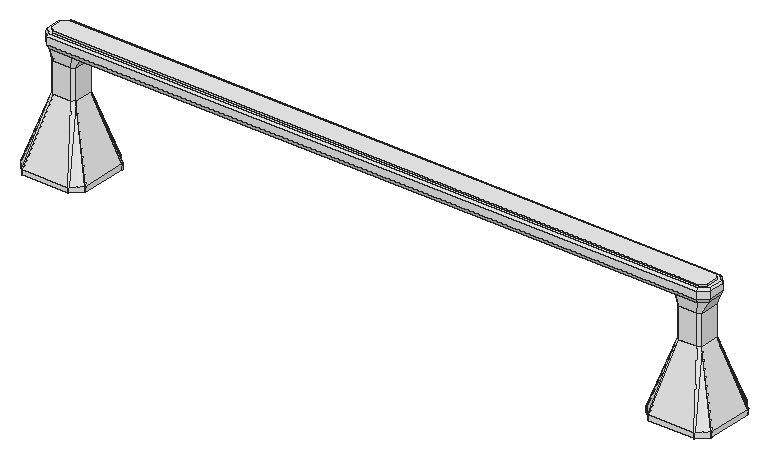
Revit family "Towel_Bar-DXV-Belshire-D35170180_Series", category Specialty Equipment, host Face, Revit 2019
Family settings
  Host = Face
  Round Connector Dimension = Use Diameter
  Part Type = Normal
  OmniClass Number = 23.40.20.21.27
  OmniClass Title = Towel Bars
  Cut with Voids When Loaded = No
  Shared = Yes
  Room Calculation Point = No
Parameters (values of type "D35170180.100")
  Width = 19 1/8"
  URL = "https://www.dxv.com/en/"
  Type Comments = ""
  Revised Date = "11/12/2021"  # constant formula
  Product Page URL = "https://www.dxv.com/product/belshire-18-inch-towel-bar"
  Product Documentation Link = "https://dxv01.blob.core.windows.net/dxv-product-pdf-files/spec_D35170180_DXV_Belshire_18in_towelbar.pdf"
  Price = "Prices may vary. Please consult Manufacturer Representative for most up-to-date price list."  # constant formula
  Model = "D35170180.100"
  Material = "Metal-DXV-100-Polished Chrome"
  Manufacturer = "DXV"
  Length = 3 9/16"
  Installation Type = "Wall Mount"
  Installation Instruction Link = "https://dxv01.blob.core.windows.net/dxv-product-pdf-files/M985050_Belshire_Accessories_D35170XXX_EN.pdf"
  Height = 1 7/8"
  Finish = Metal-DXV-100-Polished Chrome
  Description = "Belshire 18\" Towel Bar"
  Default Elevation = 48"
  Creation Date = "08/26/2021"  # constant formula
  Assembly Code = "C1030200"
Types (5): name | Model | Material | Finish
  (no name) | "D35170180.100" | "Metal-DXV-100-Polished Chrome" | Metal-DXV-100-Polished Chrome
  D35170180.100 | "D35170180.100" | "Metal-DXV-100-Polished Chrome" | Metal-DXV-100-Polished Chrome
  D35170180.144 | "D35170180.144" | "Metal-DXV-144-Brushed Nickel" | Metal-DXV-144-Brushed Nickel
  D35170180.150 | "D35170180.150" | "Metal-DXV-150-Platinum Nickel" | Metal-DXV-150-Platinum Nickel
  D35170180.427 | "D35170180.427" | "Metal-DXV-427-Satin Brass" | Metal-DXV-427-Satin Brass
Reference planes (in)
  plane 1 "Center (Front/Back)": y = 0
  plane 2: z = 0
  plane 3 "Center (Left/Right)": x = 0
  plane 4: y = 0.9375
  plane 5: y = -0.9375
  plane 6: y = 0.4375
  plane 7: y = -0.4375
  plane 8: z = 3.5625
  plane 9: z = 3.40444
  plane 10: y = -0.37787
  plane 11: y = 0.37787
  plane 12: y = -0.19405
  plane 13: y = 0.19405
  plane 14: x = 9
  plane 15: x = -9
  plane 16: x = -9.5625
  plane 17: x = 9.5625
Forms (in)
  Extrusion 1, solid, material "Metal-DXV-100-Polished Chrome" <- "Finish"
    sketch origin (4.18172, 0, 0) x (1, 0, 0) y (0, 1, 0)
      loop
        line (-13.52547, 0.4375) -> (-13.74422, 0.21875) -> (-13.74422, -0.21875) -> (-13.52547, -0.4375) -> (5.16203, -0.4375) -> (5.38078, -0.21875) -> (5.38078, 0.21875) -> (5.16203, 0.4375) -> (-13.52547, 0.4375)
    from 3.5625 to 3.12732
  Sweep 2, void
    path in 3D
      loop
        line (-9.5625, 0.21875, 3.12732) -> (-9.34375, 0.4375, 3.12732) -> (0, 0.4375, 3.12732) -> (9.34375, 0.4375, 3.12732) -> (9.5625, 0.21875, 3.12732) -> (9.5625, -0.21875, 3.12732) -> (9.34375, -0.4375, 3.12732) -> (0, -0.4375, 3.12732) -> (-9.34375, -0.4375, 3.12732) -> (-9.5625, -0.21875, 3.12732) -> (-9.5625, 0.21875, 3.12732)
    profile origin (-9.5625, 0, 3.12732) x (1, 0, 0) y (0, 0, -1)
      loop
        line (0, 0) -> (0, -0.11906) -> (0.05963, 0) -> (0, 0)
  Blend 3, solid, material "Metal-DXV-100-Polished Chrome" <- "Finish"
    base sketch origin (-8.99703, -0.00027, -0.125) x (0, -1, 0) y (1, 0, 0)
      loop
        arc (0.9375, 0.64875) -> (0.93393, 0.66355) -> (0.92401, 0.67509) r 0.03245
        arc (0.92401, 0.67509) -> (0.79115, 0.78806) -> (0.67817, 0.92089) r 1.08225
        arc (0.67817, 0.92089) -> (0.6665, 0.93092) -> (0.65154, 0.93453) r 0.03281
        line (0.65154, 0.93453) -> (-0.65111, 0.93453)
        arc (-0.65111, 0.93453) -> (-0.66593, 0.93054) -> (-0.67674, 0.91964) r 0.02951
        arc (-0.67674, 0.91964) -> (-0.78244, 0.7809) -> (-0.92086, 0.67477) r 0.65853
        arc (-0.92086, 0.67477) -> (-0.93304, 0.66264) -> (-0.9375, 0.64603) r 0.03315
        line (-0.9375, 0.64603) -> (-0.9375, -0.65197)
        arc (-0.9375, -0.65197) -> (-0.93304, -0.66858) -> (-0.92086, -0.68072) r 0.03315
        arc (-0.92086, -0.68072) -> (-0.78244, -0.78684) -> (-0.67674, -0.92558) r 0.65853
        arc (-0.67674, -0.92558) -> (-0.66593, -0.93648) -> (-0.65111, -0.94047) r 0.02951
        line (-0.65111, -0.94047) -> (0.65154, -0.94047)
        arc (0.65154, -0.94047) -> (0.6665, -0.93687) -> (0.67817, -0.92684) r 0.03281
        arc (0.67817, -0.92684) -> (0.79115, -0.794) -> (0.92401, -0.68104) r 1.08225
        arc (0.92401, -0.68104) -> (0.93393, -0.6695) -> (0.9375, -0.6547) r 0.03245
        line (0.9375, -0.6547) -> (0.9375, 0.64875)
    top sketch origin (-8.99703, -0.00027, -0.125) x (0, -1, 0) y (1, 0, 0)
      loop
        arc (0.2772, -0.34818) -> (0.29489, -0.28952) -> (0.34008, -0.24814) r 0.11556
        line (0.34008, -0.24814) -> (0.34008, 0.24814)
        arc (0.34008, 0.24814) -> (0.29489, 0.28952) -> (0.2772, 0.34818) r 0.11556
        line (0.2772, 0.34818) -> (-0.27774, 0.34818)
        arc (-0.27774, 0.34818) -> (-0.30021, 0.28248) -> (-0.35629, 0.24152) r 0.11556
        line (-0.35629, 0.24152) -> (-0.35629, -0.24152)
        arc (-0.35629, -0.24152) -> (-0.30021, -0.28248) -> (-0.27774, -0.34818) r 0.11556
        line (-0.27774, -0.34818) -> (0.2772, -0.34818)
    from 0.26611 to 2.09333
  Extrusion 4, solid, material "Metal-DXV-100-Polished Chrome" <- "Finish"
    sketch origin (-12, 0.00027, -0.21262) x (0, -1, 0) y (1, 0, 0)
      loop
        line (0.65208, 3.9375) -> (-0.65058, 3.9375)
        arc (-0.65058, 3.9375) -> (-0.6654, 3.93351) -> (-0.67621, 3.92261) r 0.02951
        arc (-0.67621, 3.92261) -> (-0.78191, 3.78387) -> (-0.92032, 3.67775) r 0.65853
        arc (-0.92032, 3.67775) -> (-0.9325, 3.66561) -> (-0.93696, 3.649) r 0.03315
        line (-0.93696, 3.649) -> (-0.93696, 2.351)
        arc (-0.93696, 2.351) -> (-0.9325, 2.33439) -> (-0.92032, 2.32225) r 0.03315
        arc (-0.92032, 2.32225) -> (-0.78191, 2.21613) -> (-0.67621, 2.07739) r 0.65853
        arc (-0.67621, 2.07739) -> (-0.6654, 2.06649) -> (-0.65058, 2.0625) r 0.02951
        line (-0.65058, 2.0625) -> (0.65208, 2.0625)
        arc (0.65208, 2.0625) -> (0.66704, 2.06611) -> (0.67871, 2.07614) r 0.03281
        arc (0.67871, 2.07614) -> (0.79169, 2.20897) -> (0.92455, 2.32194) r 1.08225
        arc (0.92455, 2.32194) -> (0.93447, 2.33348) -> (0.93804, 2.34827) r 0.03245
        line (0.93804, 2.34827) -> (0.93804, 3.65173)
        arc (0.93804, 3.65173) -> (0.93447, 3.66652) -> (0.92455, 3.67806) r 0.03245
        arc (0.92455, 3.67806) -> (0.79169, 3.79103) -> (0.67871, 3.92386) r 1.08225
        arc (0.67871, 3.92386) -> (0.66704, 3.93389) -> (0.65208, 3.9375) r 0.03281
    from 0.21262 to 0.35373
  Blend 5, solid, material "Metal-DXV-100-Polished Chrome" <- "Finish"
    base sketch origin (3.00297, 0, 5.64637) x (0, -1, 0) y (1, 0, 0)
      loop
        arc (-0.35602, -12.24152) -> (-0.29995, -12.28248) -> (-0.27747, -12.34818) r 0.11556
        line (-0.27747, -12.34818) -> (0.27747, -12.34818)
        arc (0.27747, -12.34818) -> (0.29515, -12.28952) -> (0.34034, -12.24814) r 0.11556
        line (0.34034, -12.24814) -> (0.34034, -11.75186)
        arc (0.34034, -11.75186) -> (0.29515, -11.71048) -> (0.27747, -11.65182) r 0.11556
        line (0.27747, -11.65182) -> (-0.27747, -11.65182)
        arc (-0.27747, -11.65182) -> (-0.29995, -11.71752) -> (-0.35602, -11.75848) r 0.11556
        line (-0.35602, -11.75848) -> (-0.35602, -12.24152)
    top sketch origin (3.00297, 0, 5.64637) x (0, -1, 0) y (1, 0, 0)
      loop
        line (-0.37787, -12.31905) -> (-0.19405, -12.50287) -> (0.19405, -12.50287) -> (0.37787, -12.31905) -> (0.37787, -11.68095) -> (0.19978, -11.50287) -> (-0.19978, -11.50287) -> (-0.37787, -11.68095) -> (-0.37787, -12.31905)
    from -2.82481 to -2.51905
  Sweep 6, void
    path in 3D
      loop
        line (-9.5625, 0.21875, 3.5625) -> (-9.34375, 0.4375, 3.5625) -> (0, 0.4375, 3.5625) -> (9.34375, 0.4375, 3.5625) -> (9.5625, 0.21875, 3.5625) -> (9.5625, -0.21875, 3.5625) -> (9.34375, -0.4375, 3.5625) -> (0, -0.4375, 3.5625) -> (-9.34375, -0.4375, 3.5625) -> (-9.5625, -0.21875, 3.5625) -> (-9.5625, 0.21875, 3.5625)
    profile origin (-9.5625, 0, 3.5625) x (-1, 0, 0) y (0, 0, 1)
      loop
        line (-0.03553, -0.04814) -> (0, -0.11906) -> (0, 0) -> (-0.12734, 0) -> (-0.12734, -0.04814) -> (-0.03553, -0.04814)
  Extrusion 7, solid, material "Metal-DXV-100-Polished Chrome" <- "Finish"
    sketch origin (8.99703, 0.00027, -0.21262) x (0, -1, 0) y (1, 0, 0)
      loop
        arc (-0.65058, 0.94047) -> (-0.6654, 0.93648) -> (-0.67621, 0.92558) r 0.02951
        arc (-0.67621, 0.92558) -> (-0.78191, 0.78684) -> (-0.92032, 0.68072) r 0.65853
        arc (-0.92032, 0.68072) -> (-0.9325, 0.66858) -> (-0.93696, 0.65197) r 0.03315
        line (-0.93696, 0.65197) -> (-0.93696, -0.64603)
        arc (-0.93696, -0.64603) -> (-0.9325, -0.66264) -> (-0.92032, -0.67477) r 0.03315
        arc (-0.92032, -0.67477) -> (-0.78191, -0.7809) -> (-0.67621, -0.91964) r 0.65853
        arc (-0.67621, -0.91964) -> (-0.6654, -0.93054) -> (-0.65058, -0.93453) r 0.02951
        line (-0.65058, -0.93453) -> (0.65208, -0.93453)
        arc (0.65208, -0.93453) -> (0.66704, -0.93092) -> (0.67871, -0.92089) r 0.03281
        arc (0.67871, -0.92089) -> (0.79169, -0.78806) -> (0.92455, -0.67509) r 1.08225
        arc (0.92455, -0.67509) -> (0.93447, -0.66355) -> (0.93804, -0.64875) r 0.03245
        line (0.93804, -0.64875) -> (0.93804, 0.6547)
        arc (0.93804, 0.6547) -> (0.93447, 0.6695) -> (0.92455, 0.68104) r 0.03245
        arc (0.92455, 0.68104) -> (0.79169, 0.794) -> (0.67871, 0.92684) r 1.08225
        arc (0.67871, 0.92684) -> (0.66704, 0.93687) -> (0.65208, 0.94047) r 0.03281
        line (0.65208, 0.94047) -> (-0.65058, 0.94047)
    from 0.21262 to 0.35373
  Blend 8, solid, material "Metal-DXV-100-Polished Chrome" <- "Finish"
    base sketch origin (-3, 0, 5.64637) x (0, 1, 0) y (-1, 0, 0)
      loop
        line (0.35602, -12.24152) -> (0.35602, -11.75848)
        arc (0.35602, -11.75848) -> (0.29995, -11.71752) -> (0.27747, -11.65182) r 0.11556
        line (0.27747, -11.65182) -> (-0.27747, -11.65182)
        arc (-0.27747, -11.65182) -> (-0.29515, -11.71048) -> (-0.34034, -11.75186) r 0.11556
        line (-0.34034, -11.75186) -> (-0.34034, -12.24814)
        arc (-0.34034, -12.24814) -> (-0.29515, -12.28952) -> (-0.27747, -12.34818) r 0.11556
        line (-0.27747, -12.34818) -> (0.27747, -12.34818)
        arc (0.27747, -12.34818) -> (0.29995, -12.28248) -> (0.35602, -12.24152) r 0.11556
    top sketch origin (-3, 0, 5.64637) x (0, 1, 0) y (-1, 0, 0)
      loop
        line (0.37787, -12.31905) -> (0.37787, -11.68095) -> (0.19978, -11.50287) -> (-0.19978, -11.50287) -> (-0.37787, -11.68095) -> (-0.37787, -12.31905) -> (-0.19405, -12.50287) -> (0.19405, -12.50287) -> (0.37787, -12.31905)
    from -2.82481 to -2.51905
  Blend 9, solid, material "Metal-DXV-100-Polished Chrome" <- "Finish"
    base sketch origin (-3, 0, 0) x (-1, 0, 0) y (0, -1, 0)
      loop
        line (-12.34818, 0.27747) -> (-12.34818, -0.27747)
        arc (-12.34818, -0.27747) -> (-12.28248, -0.29995) -> (-12.24152, -0.35602) r 0.11556
        line (-12.24152, -0.35602) -> (-11.75848, -0.35602)
        arc (-11.75848, -0.35602) -> (-11.71752, -0.29995) -> (-11.65182, -0.27747) r 0.11556
        line (-11.65182, -0.27747) -> (-11.65182, 0.27747)
        arc (-11.65182, 0.27747) -> (-11.71048, 0.29515) -> (-11.75186, 0.34034) r 0.11556
        line (-11.75186, 0.34034) -> (-12.24814, 0.34034)
        arc (-12.24814, 0.34034) -> (-12.28952, 0.29515) -> (-12.34818, 0.27747) r 0.11556
    top sketch origin (-3, 0, 0) x (-1, 0, 0) y (0, -1, 0)
      loop
        line (-11.75186, 0.34034) -> (-12.24814, 0.34034)
        arc (-12.24814, 0.34034) -> (-12.28952, 0.29515) -> (-12.34818, 0.27747) r 0.11556
        line (-12.34818, 0.27747) -> (-12.34818, -0.27747)
        arc (-12.34818, -0.27747) -> (-12.28248, -0.29995) -> (-12.24152, -0.35602) r 0.11556
        line (-12.24152, -0.35602) -> (-11.75848, -0.35602)
        arc (-11.75848, -0.35602) -> (-11.71752, -0.29995) -> (-11.65182, -0.27747) r 0.11556
        line (-11.65182, -0.27747) -> (-11.65182, 0.27747)
        arc (-11.65182, 0.27747) -> (-11.71048, 0.29515) -> (-11.75186, 0.34034) r 0.11556
    from 1.96833 to 2.82156
  Blend 10, solid, material "Metal-DXV-100-Polished Chrome" <- "Finish"
    base sketch origin (3, 0, 0) x (1, 0, 0) y (0, 1, 0)
      loop
        arc (-12.34818, -0.27747) -> (-12.28952, -0.29515) -> (-12.24814, -0.34034) r 0.11556
        line (-12.24814, -0.34034) -> (-11.75186, -0.34034)
        arc (-11.75186, -0.34034) -> (-11.71048, -0.29515) -> (-11.65182, -0.27747) r 0.11556
        line (-11.65182, -0.27747) -> (-11.65182, 0.27747)
        arc (-11.65182, 0.27747) -> (-11.71752, 0.29995) -> (-11.75848, 0.35602) r 0.11556
        line (-11.75848, 0.35602) -> (-12.24152, 0.35602)
        arc (-12.24152, 0.35602) -> (-12.28248, 0.29995) -> (-12.34818, 0.27747) r 0.11556
        line (-12.34818, 0.27747) -> (-12.34818, -0.27747)
    top sketch origin (3, 0, 0) x (1, 0, 0) y (0, 1, 0)
      loop
        arc (-11.75186, -0.34034) -> (-11.71048, -0.29515) -> (-11.65182, -0.27747) r 0.11556
        line (-11.65182, -0.27747) -> (-11.65182, 0.27747)
        arc (-11.65182, 0.27747) -> (-11.71752, 0.29995) -> (-11.75848, 0.35602) r 0.11556
        line (-11.75848, 0.35602) -> (-12.24152, 0.35602)
        arc (-12.24152, 0.35602) -> (-12.28248, 0.29995) -> (-12.34818, 0.27747) r 0.11556
        line (-12.34818, 0.27747) -> (-12.34818, -0.27747)
        arc (-12.34818, -0.27747) -> (-12.28952, -0.29515) -> (-12.24814, -0.34034) r 0.11556
        line (-12.24814, -0.34034) -> (-11.75186, -0.34034)
    from 1.96833 to 2.82156
  Blend 11, solid, material "Metal-DXV-100-Polished Chrome" <- "Finish"
    base sketch origin (8.99703, -0.00027, -0.125) x (0, -1, 0) y (1, 0, 0)
      loop
        line (0.9375, -0.64875) -> (0.9375, 0.6547)
        arc (0.9375, 0.6547) -> (0.93393, 0.6695) -> (0.92401, 0.68104) r 0.03245
        arc (0.92401, 0.68104) -> (0.79115, 0.794) -> (0.67817, 0.92684) r 1.08225
        arc (0.67817, 0.92684) -> (0.6665, 0.93687) -> (0.65154, 0.94047) r 0.03281
        line (0.65154, 0.94047) -> (-0.65111, 0.94047)
        arc (-0.65111, 0.94047) -> (-0.66593, 0.93648) -> (-0.67674, 0.92558) r 0.02951
        arc (-0.67674, 0.92558) -> (-0.78244, 0.78684) -> (-0.92086, 0.68072) r 0.65853
        arc (-0.92086, 0.68072) -> (-0.93304, 0.66858) -> (-0.9375, 0.65197) r 0.03315
        line (-0.9375, 0.65197) -> (-0.9375, -0.64603)
        arc (-0.9375, -0.64603) -> (-0.93304, -0.66264) -> (-0.92086, -0.67477) r 0.03315
        arc (-0.92086, -0.67477) -> (-0.78244, -0.7809) -> (-0.67674, -0.91964) r 0.65853
        arc (-0.67674, -0.91964) -> (-0.66593, -0.93054) -> (-0.65111, -0.93453) r 0.02951
        line (-0.65111, -0.93453) -> (0.65154, -0.93453)
        arc (0.65154, -0.93453) -> (0.6665, -0.93092) -> (0.67817, -0.92089) r 0.03281
        arc (0.67817, -0.92089) -> (0.79115, -0.78806) -> (0.92401, -0.67509) r 1.08225
        arc (0.92401, -0.67509) -> (0.93393, -0.66355) -> (0.9375, -0.64875) r 0.03245
    top sketch origin (8.99703, -0.00027, -0.125) x (0, -1, 0) y (1, 0, 0)
      loop
        line (0.2772, 0.34818) -> (-0.27774, 0.34818)
        arc (-0.27774, 0.34818) -> (-0.30021, 0.28248) -> (-0.35629, 0.24152) r 0.11556
        line (-0.35629, 0.24152) -> (-0.35629, -0.24152)
        arc (-0.35629, -0.24152) -> (-0.30021, -0.28248) -> (-0.27774, -0.34818) r 0.11556
        line (-0.27774, -0.34818) -> (0.2772, -0.34818)
        arc (0.2772, -0.34818) -> (0.29489, -0.28952) -> (0.34008, -0.24814) r 0.11556
        line (0.34008, -0.24814) -> (0.34008, 0.24814)
        arc (0.34008, 0.24814) -> (0.29489, 0.28952) -> (0.2772, 0.34818) r 0.11556
    from 0.26611 to 2.09333
Cuts and joins
  Sweep 2, Sweep 6 cuts Extrusion 1
  joined: Extrusion 1, Blend 3, Extrusion 4, Blend 5
Lines and regions (in)
  Masking region 1
    outline origin (0, 0, 0) x (1, 0, 0) y (0, 0, 1)
      loop
        line (9.43516, 3.5625) -> (-9.43516, 3.5625) -> (-9.43516, 3.51436) -> (-9.52697, 3.51436) -> (-9.5625, 3.44344) -> (-9.5625, 3.24638) -> (-9.34818, 2.82744) -> (-9.34818, 1.96833) -> (-9.9375, 0.14111) -> (-9.9375, 0) -> (-8.0625, 0) -> (-8.0625, 0.14111) -> (-8.65182, 1.97759) -> (-8.65182, 2.81546) -> (-8.49989, 3.12732) -> (8.50287, 3.12732) -> (8.65182, 2.82156) -> (8.65182, 1.97759) -> (8.0625, 0.14111) -> (8.0625, 0) -> (9.9375, 0) -> (9.9375, 0.15028) -> (9.34818, 1.96833) -> (9.34818, 2.81848) -> (9.5625, 3.24638) -> (9.5625, 3.44344) -> (9.52697, 3.51436) -> (9.43516, 3.51436) -> (9.43516, 3.5625)
  sketch lines
    curve 1: line (-9.5625, -0.21875, 3.12732) -> (-9.5625, 0.21875, 3.12732)
    curve 2: line (-9.34375, -0.4375, 3.12732) -> (-9.5625, -0.21875, 3.12732)
    curve 3: line (9.34375, -0.4375, 3.12732) -> (0, -0.4375, 3.12732)
    curve 4: line (0, -0.4375, 3.12732) -> (-9.34375, -0.4375, 3.12732)
    curve 5: line (-9.5625, 0.21875, 3.12732) -> (-9.34375, 0.4375, 3.12732)
    curve 6: line (-9.34375, 0.4375, 3.12732) -> (0, 0.4375, 3.12732)
    curve 7: line (0, 0.4375, 3.12732) -> (9.34375, 0.4375, 3.12732)
    curve 8: line (9.34375, 0.4375, 3.12732) -> (9.5625, 0.21875, 3.12732)
    curve 9: line (9.5625, 0.21875, 3.12732) -> (9.5625, -0.21875, 3.12732)
    curve 10: line (9.5625, -0.21875, 3.12732) -> (9.34375, -0.4375, 3.12732)
    curve 11: line (-9.5625, -0.21875, 3.5625) -> (-9.5625, 0.21875, 3.5625)
    curve 12: line (-9.34375, -0.4375, 3.5625) -> (-9.5625, -0.21875, 3.5625)
    curve 13: line (9.34375, -0.4375, 3.5625) -> (0, -0.4375, 3.5625)
    curve 14: line (0, -0.4375, 3.5625) -> (-9.34375, -0.4375, 3.5625)
    curve 15: line (-9.5625, 0.21875, 3.5625) -> (-9.34375, 0.4375, 3.5625)
    curve 16: line (-9.34375, 0.4375, 3.5625) -> (0, 0.4375, 3.5625)
    curve 17: line (0, 0.4375, 3.5625) -> (9.34375, 0.4375, 3.5625)
    curve 18: line (9.34375, 0.4375, 3.5625) -> (9.5625, 0.21875, 3.5625)
    curve 19: line (9.5625, 0.21875, 3.5625) -> (9.5625, -0.21875, 3.5625)
    curve 20: line (9.5625, -0.21875, 3.5625) -> (9.34375, -0.4375, 3.5625)
  symbolic lines, detail levels medium+fine
    curve 21: line (9.50287, 0, 3.12732) -> (8.50287, 0, 3.12732)
    curve 22: line (9.9283, 0, 0.14111) -> (8.0625, 0, 0.14111)
    curve 23: line (9.34818, 0, 2.82156) -> (8.65182, 0, 2.82156)
    curve 32: line (-9.49989, 0, 3.12732) -> (-8.49989, 0, 3.12732)
    curve 33: line (-8.0625, 0, 0.14111) -> (-9.92386, 0, 0.14111)
    curve 34: line (-8.65182, 0, 2.82156) -> (-9.34818, 0, 2.82156)
    curve 45: line (-9.5625, 0, 3.44344) -> (9.5625, 0, 3.44344)
  symbolic lines, detail levels fine
    curve 24: line (-9.52697, 0, 3.51436) -> (9.52697, 0, 3.51436)
    curve 25: line (9.5625, 0, 3.24638) -> (-9.5625, 0, 3.24638)
    curve 26: line (9.24152, 0, 2.82156) -> (9.24152, 0, 1.95286)
    curve 27: line (9.24152, 0, 1.95286) -> (9.58947, 0, 0.14111)
    curve 28: line (8.75848, 0, 1.98407) -> (8.41053, 0, 0.14111)
    curve 29: line (8.75848, 0, 2.82156) -> (8.75848, 0, 1.98407)
    curve 30: line (9.31905, 0, 3.12732) -> (9.24152, 0, 2.82156)
    curve 31: line (8.75848, 0, 2.82156) -> (8.68095, 0, 3.12732)
    curve 35: line (-8.351, 0, 0.14111) -> (-8.75848, 0, 1.98176)
    curve 36: line (-9.649, 0, 0.14111) -> (-9.24152, 0, 1.9551)
    curve 37: line (-8.75848, 0, 1.98176) -> (-8.75848, 0, 2.82156)
    curve 38: line (-9.24152, 0, 1.9551) -> (-9.24152, 0, 2.82156)
    curve 39: line (-8.67798, 0, 3.12732) -> (-8.75551, 0, 2.82156)
    curve 40: line (-9.23855, 0, 2.82156) -> (-9.31608, 0, 3.12732)
    curve 41: line (9.34375, 0, 3.24638) -> (9.31905, 0, 3.12732)
    curve 42: line (9.34375, 0, 3.44344) -> (9.34375, 0, 3.24638)
    curve 43: line (-9.34375, 0, 3.24638) -> (-9.31905, 0, 3.12732)
    curve 44: line (-9.34375, 0, 3.24638) -> (-9.34375, 0, 3.44344)
    curve 46: line (9.34521, 0, 1.96833) -> (8.64885, 0, 1.96833)
    curve 47: line (-9.34818, 0, 1.96833) -> (-8.65182, 0, 1.96833)
Dimensions and locks (in)
  equal spacing: plane 4, plane 1 "Center (Front/Back)", plane 5
  "Height": plane 4 to plane 5
  equal spacing: plane 7, plane 1 "Center (Front/Back)", plane 6
  locked: plane 6 to plane 7 at 0.875
  "Length": plane 2 to plane 8
  equal spacing: plane 15, plane 3 "Center (Left/Right)", plane 14, locked at 9 each
  locked: plane 15 to plane 14 at 18
  locked: plane 3 "Center (Left/Right)" to plane 17 at 9.5625
  locked: plane 16 to plane 3 "Center (Left/Right)" at 9.5625
  "Width": plane 16 to plane 17
  plane 15 to Blend 3 sketch curve = 15/16"
  "Height": cut or joined group of Extrusion 1, Sweep 2, Blend 3, Extrusion 4, Blend 5, Sweep 6 to cut or joined group of Extrusion 1, Sweep 2, Blend 3, Extrusion 4, Blend 5, Sweep 6
  locked: Blend 11 to Blend 11 at 1.875
  locked: Extrusion 7 to Extrusion 7 at 1.875
  aligned and locked: plane 2 to host face
  aligned and locked: level to host face
  aligned and locked: Extrusion 1 sketch curve to plane 6
  aligned and locked: plane 7 to Extrusion 1 sketch curve
  aligned and locked: Extrusion 4 sketch curve to Blend 3  (x6)
  aligned and locked: Blend 8 to Blend 9
  aligned and locked: curve 21 to Blend 8
  aligned and locked: Extrusion 7 to curve 22
  aligned and locked: Blend 9 to curve 23
  aligned and locked: curve 24 to cut or joined group of Extrusion 1, Sweep 2, Blend 3, Extrusion 4, Blend 5, Sweep 6
  aligned and locked: curve 25 to cut or joined group of Extrusion 1, Sweep 2, Blend 3, Extrusion 4, Blend 5, Sweep 6
  aligned and locked: curve 26 to Blend 9
  aligned and locked: curve 29 to Blend 9
  aligned and locked: curve 30 to Blend 8
  aligned and locked: curve 31 to Blend 8
  aligned and locked: Extrusion 4 sketch curve to cut or joined group of Extrusion 1, Sweep 2, Blend 3, Extrusion 4, Blend 5, Sweep 6  (x6)
  aligned and locked: Extrusion 7 sketch curve to Blend 11  (x12)
  aligned and locked: Masking region 1 sketch curve to cut or joined group of Extrusion 1, Sweep 2, Blend 3, Extrusion 4, Blend 5, Sweep 6  (x10)
  aligned and locked: cut or joined group of Extrusion 1, Sweep 2, Blend 3, Extrusion 4, Blend 5, Sweep 6 to Masking region 1 sketch curve
  aligned and locked: Masking region 1 sketch curve to Blend 9  (x2)
  aligned and locked: Masking region 1 sketch curve to Blend 8
  aligned and locked: Masking region 1 sketch curve to Blend 10
  aligned and locked: Blend 10 to Masking region 1 sketch curve
  aligned and locked: Masking region 1 sketch curve to Extrusion 7
  aligned and locked: curve 32 to cut or joined group of Extrusion 1, Sweep 2, Blend 3, Extrusion 4, Blend 5, Sweep 6
  aligned and locked: curve 33 to cut or joined group of Extrusion 1, Sweep 2, Blend 3, Extrusion 4, Blend 5, Sweep 6
  aligned and locked: curve 34 to Blend 10
  aligned and locked: curve 35 to cut or joined group of Extrusion 1, Sweep 2, Blend 3, Extrusion 4, Blend 5, Sweep 6
  aligned and locked: curve 36 to cut or joined group of Extrusion 1, Sweep 2, Blend 3, Extrusion 4, Blend 5, Sweep 6
  aligned and locked: Blend 10 to curve 37
  aligned and locked: curve 38 to Blend 10
  aligned and locked: curve 39 to cut or joined group of Extrusion 1, Sweep 2, Blend 3, Extrusion 4, Blend 5, Sweep 6
  aligned and locked: curve 41 to cut or joined group of Extrusion 1, Sweep 2, Blend 3, Extrusion 4, Blend 5, Sweep 6
  aligned and locked: curve 42 to cut or joined group of Extrusion 1, Sweep 2, Blend 3, Extrusion 4, Blend 5, Sweep 6
  aligned and locked: curve 43 to cut or joined group of Extrusion 1, Sweep 2, Blend 3, Extrusion 4, Blend 5, Sweep 6
  aligned and locked: curve 44 to cut or joined group of Extrusion 1, Sweep 2, Blend 3, Extrusion 4, Blend 5, Sweep 6
  aligned and locked: curve 45 to cut or joined group of Extrusion 1, Sweep 2, Blend 3, Extrusion 4, Blend 5, Sweep 6
  aligned and locked: curve 46 to Blend 11
  aligned and locked: curve 47 to Blend 10
Automatic sketch dimensions
  host sketch curve to host sketch curve = 96"  (x2)
  Extrusion 1 sketch curve to plane 16 = 0"
  Extrusion 1 sketch curve to plane 17 = 0"
  plane 16 to Extrusion 1 sketch curve = 7/32"  (x2)
  Extrusion 1 sketch curve to plane 17 = 7/32"  (x2)
  plane 12 to Extrusion 1 sketch curve = 0.0247"  (x2)
  Extrusion 1 sketch curve to plane 13 = 0.0247"  (x2)
  profile plane to Sweep 2 sketch curve = 0"
  Sweep 2 sketch curve to profile plane = 0"
  Sweep 2 sketch curve to profile plane = 0.05963"
  Sweep 2 sketch curve to profile plane = 0.11906"
  plane 4 to Blend 3 sketch curve = 0.31104"  (x2)
  Blend 3 sketch curve to plane 4 = 0.00027"
  Blend 3 sketch curve to Blend 3 sketch curve = 0.03315"  (x2)
  plane 6 to Blend 3 sketch curve = 0.21334"  (x2)
  Blend 3 sketch curve to plane 7 = 0.21431"  (x2)
  plane 5 to Blend 3 sketch curve = 0.03219"  (x2)
  Blend 3 sketch curve to plane 5 = 0.00027"
  Blend 3 sketch curve to plane 5 = 0.61912"  (x2)
  Blend 3 sketch curve to Blend 3 sketch curve = 0.02951"
  Blend 3 sketch curve to Blend 3 sketch curve = 0.03281"  (x2)
  Blend 3 sketch curve to Blend 3 sketch curve = 0.25296"
  Blend 3 sketch curve to Blend 3 sketch curve = 0.259"
  Blend 3 sketch curve to plane 16 = 0.0865"
  Blend 3 sketch curve to plane 16 = 0.08923"
  Blend 3 sketch curve to plane 16 = 0.34219"
  Blend 3 sketch curve to plane 16 = 0.34549"
  Blend 3 sketch curve to Blend 3 sketch curve = 0.31131"  (x2)
  Blend 3 sketch curve to plane 16 = 0.99386"
  Blend 3 sketch curve to Blend 3 sketch curve = 0.90463"
  Blend 3 sketch curve to Blend 3 sketch curve = 0"  (x4)
  Blend 3 sketch curve to plane 11 = 0.01513"  (x2)
  plane 11 to Blend 3 sketch curve = 0.02185"
  Blend 3 sketch curve to plane 13 = 0.08342"  (x2)
  plane 12 to Blend 3 sketch curve = 0.08342"  (x2)
  Blend 3 sketch curve to plane 10 = 0.03752"
  plane 10 to Blend 3 sketch curve = 0.01513"  (x2)
  plane 16 to Blend 3 sketch curve = 0.21446"  (x2)
  Blend 3 sketch curve to Blend 3 sketch curve = 0.00283"
  plane 15 to Blend 3 sketch curve = 0.24449"
  plane 15 to Blend 3 sketch curve = 0.25111"
  Blend 3 sketch curve to Blend 3 sketch curve = 0.10666"
  Blend 5 sketch curve to plane 11 = 0.01513"  (x2)
  plane 11 to Blend 5 sketch curve = 0.02185"
  Blend 5 sketch curve to plane 13 = 0.08342"  (x2)
  plane 12 to Blend 5 sketch curve = 0.08342"  (x2)
  Blend 5 sketch curve to plane 10 = 0.03752"
  plane 10 to Blend 5 sketch curve = 0.01513"  (x2)
  plane 16 to Blend 5 sketch curve = 0.21446"  (x2)
  Blend 5 sketch curve to Blend 5 sketch curve = 0.00283"
  plane 15 to Blend 5 sketch curve = 0.24449"
  plane 15 to Blend 5 sketch curve = 0.25111"
  Blend 5 sketch curve to Blend 5 sketch curve = 0.10004"
  plane 11 to Blend 5 sketch curve = 0"
  plane 13 to Blend 5 sketch curve = 0"
  plane 12 to Blend 5 sketch curve = 0"
  plane 10 to Blend 5 sketch curve = 0"
  Blend 5 sketch curve to plane 13 = 0.00573"
  plane 12 to Blend 5 sketch curve = 0.00573"
  plane 16 to Blend 5 sketch curve = 0.06261"
  plane 16 to Blend 5 sketch curve = 0.24642"  (x2)
  plane 15 to Blend 5 sketch curve = 0.32202"  (x2)
  Blend 5 sketch curve to Blend 5 sketch curve = 0.17809"
  Sweep 6 sketch curve to profile plane = 0"  (x2)
  profile plane to Sweep 6 sketch curve = 0.03553"
  Sweep 6 sketch curve to Sweep 6 sketch curve = 0.09181"
  Sweep 6 sketch curve to Sweep 6 sketch curve = 0.04814"
  Sweep 6 sketch curve to Sweep 6 sketch curve = 0.07093"
  plane 10 to Blend 8 sketch curve = 0.01513"  (x2)
  Blend 8 sketch curve to plane 10 = 0.03752"
  plane 12 to Blend 8 sketch curve = 0.08342"  (x2)
  Blend 8 sketch curve to plane 13 = 0.08342"  (x2)
  plane 11 to Blend 8 sketch curve = 0.02185"
  Blend 8 sketch curve to plane 11 = 0.01513"  (x2)
  Blend 8 sketch curve to plane 17 = 0.21149"  (x2)
  Blend 8 sketch curve to Blend 8 sketch curve = 0.00283"
  Blend 8 sketch curve to plane 14 = 0.24152"
  Blend 8 sketch curve to plane 14 = 0.24814"
  Blend 8 sketch curve to Blend 8 sketch curve = 0.10004"
  plane 10 to Blend 8 sketch curve = 0"
  plane 12 to Blend 8 sketch curve = 0"
  plane 13 to Blend 8 sketch curve = 0"
  plane 11 to Blend 8 sketch curve = 0"
  plane 12 to Blend 8 sketch curve = 0.00573"
  Blend 8 sketch curve to plane 13 = 0.00573"
  Blend 8 sketch curve to plane 17 = 0.05963"
  Blend 8 sketch curve to plane 17 = 0.24345"  (x2)
  Blend 8 sketch curve to plane 14 = 0.31905"  (x2)
  Blend 8 sketch curve to Blend 8 sketch curve = 0.17809"
  Blend 9 sketch curve to plane 10 = 0.01513"  (x4)
  plane 17 to Blend 9 sketch curve = 0.21149"  (x4)
  plane 11 to Blend 9 sketch curve = 0.01513"  (x4)
  Blend 9 sketch curve to Blend 9 sketch curve = 0.00283"  (x3)
  plane 10 to Blend 9 sketch curve = 0.03752"  (x2)
  Blend 9 sketch curve to Blend 9 sketch curve = 0.10287"  (x4)
  Blend 9 sketch curve to plane 11 = 0.02185"  (x2)
  Blend 9 sketch curve to Blend 9 sketch curve = 0.10949"  (x3)
  plane 14 to Blend 9 sketch curve = 0.24152"  (x2)
  plane 14 to Blend 9 sketch curve = 0.24814"  (x2)
  Blend 9 sketch curve to Blend 9 sketch curve = 0.10666"  (x2)
  plane 10 to Blend 10 sketch curve = 0.01513"  (x4)
  plane 16 to Blend 10 sketch curve = 0.21149"  (x4)
  Blend 10 sketch curve to plane 11 = 0.01513"  (x4)
  Blend 10 sketch curve to Blend 10 sketch curve = 0.00283"  (x3)
  Blend 10 sketch curve to plane 10 = 0.03752"  (x2)
  Blend 10 sketch curve to Blend 10 sketch curve = 0.10287"  (x4)
  plane 11 to Blend 10 sketch curve = 0.02185"  (x2)
  Blend 10 sketch curve to Blend 10 sketch curve = 0.10949"  (x3)
  plane 15 to Blend 10 sketch curve = 0.24152"  (x2)
  plane 15 to Blend 10 sketch curve = 0.24814"  (x2)
  Blend 10 sketch curve to Blend 10 sketch curve = 0.10666"  (x2)
  plane 4 to Blend 11 sketch curve = 0.31104"  (x2)
  Blend 11 sketch curve to plane 4 = 0.00027"
  Blend 11 sketch curve to Blend 11 sketch curve = 0.03315"  (x2)
  plane 6 to Blend 11 sketch curve = 0.21334"  (x2)
  Blend 11 sketch curve to plane 7 = 0.21431"  (x2)
  plane 5 to Blend 11 sketch curve = 0.03219"  (x2)
  Blend 11 sketch curve to plane 5 = 0.00027"
  Blend 11 sketch curve to plane 5 = 0.61912"  (x2)
  Blend 11 sketch curve to plane 14 = 1.55636"
  Blend 11 sketch curve to plane 14 = 1.24881"
  Blend 11 sketch curve to plane 14 = 15/16"
  Blend 11 sketch curve to Blend 11 sketch curve = 0.02951"
  Blend 11 sketch curve to Blend 11 sketch curve = 0.03281"  (x2)
  Blend 11 sketch curve to Blend 11 sketch curve = 0.27214"
  Blend 11 sketch curve to Blend 11 sketch curve = 0.27361"
  plane 17 to Blend 11 sketch curve = 0.0865"
  plane 17 to Blend 11 sketch curve = 0.08923"
  plane 17 to Blend 11 sketch curve = 0.34219"
  plane 17 to Blend 11 sketch curve = 0.34549"
  Blend 11 sketch curve to Blend 11 sketch curve = 0.31131"
  plane 17 to Blend 11 sketch curve = 0.99386"
  Blend 11 sketch curve to Blend 11 sketch curve = 0"  (x4)
  Blend 11 sketch curve to plane 11 = 0.01513"  (x2)
  plane 11 to Blend 11 sketch curve = 0.02185"
  Blend 11 sketch curve to plane 13 = 0.08342"  (x2)
  plane 12 to Blend 11 sketch curve = 0.08342"  (x2)
  Blend 11 sketch curve to plane 10 = 0.03752"
  plane 10 to Blend 11 sketch curve = 0.01513"  (x2)
  Blend 11 sketch curve to plane 14 = 0.35398"  (x2)
  Blend 11 sketch curve to Blend 11 sketch curve = 0.00283"
  plane 14 to Blend 11 sketch curve = 0.23855"
  plane 14 to Blend 11 sketch curve = 0.24517"
  Blend 11 sketch curve to Blend 11 sketch curve = 0.10666"
  Masking region 1 sketch curve to plane 16 = 3/8"
  plane 15 to Masking region 1 sketch curve = 15/16"
  level to Masking region 1 sketch curve = 0.14111"  (x3)
  Masking region 1 sketch curve to plane 14 = 15/16"
  Masking region 1 sketch curve to plane 8 = 0.04814"
  Masking region 1 sketch curve to Masking region 1 sketch curve = 0.09181"
  level to Masking region 1 sketch curve = 0.15028"
  plane 17 to Masking region 1 sketch curve = 3/8"
  Masking region 1 sketch curve to Masking region 1 sketch curve = 0.84713"
  Masking region 1 sketch curve to Masking region 1 sketch curve = 0.85015"
  Masking region 1 sketch curve to Masking region 1 sketch curve = 0.00926"  (x2)
  plane 9 to Masking region 1 sketch curve = 0.57701"
  plane 9 to Masking region 1 sketch curve = 0.15806"
  curve 45 to plane 16 = 0"
  curve 25 to plane 16 = 0"
  curve 25 to plane 17 = 0"
  curve 45 to plane 17 = 0"
  curve 26 to curve 26 = 0.8687"
  curve 26 to curve 28 = 0.03122"
  curve 33 to curve 36 = 0.27487"
  plane 16 to curve 24 = 0.03553"
  plane 16 to curve 32 = 0.06261"
  curve 34 to curve 38 = 0.10666"
  curve 43 to curve 40 = 0.00297"
  curve 38 to curve 40 = 0.00297"
  curve 39 to curve 34 = 0.10369"
  curve 39 to curve 32 = 0.17809"
  curve 35 to curve 33 = 0.2885"
  curve 22 to plane 14 = 15/16"
  curve 22 to curve 28 = 0.34803"
  curve 21 to curve 31 = 0.17809"
  curve 23 to curve 31 = 0.10666"
  curve 30 to curve 23 = 0.10666"
  curve 21 to plane 17 = 0.05963"
  curve 24 to plane 17 = 0.03553"
  plane 17 to curve 27 = 0.02697"
  curve 27 to curve 22 = 0.33883"
  curve 46 to curve 28 = 0.10963"
  curve 26 to curve 46 = 0.10369"
  curve 47 to curve 36 = 0.10666"
  curve 35 to curve 47 = 0.10666"
